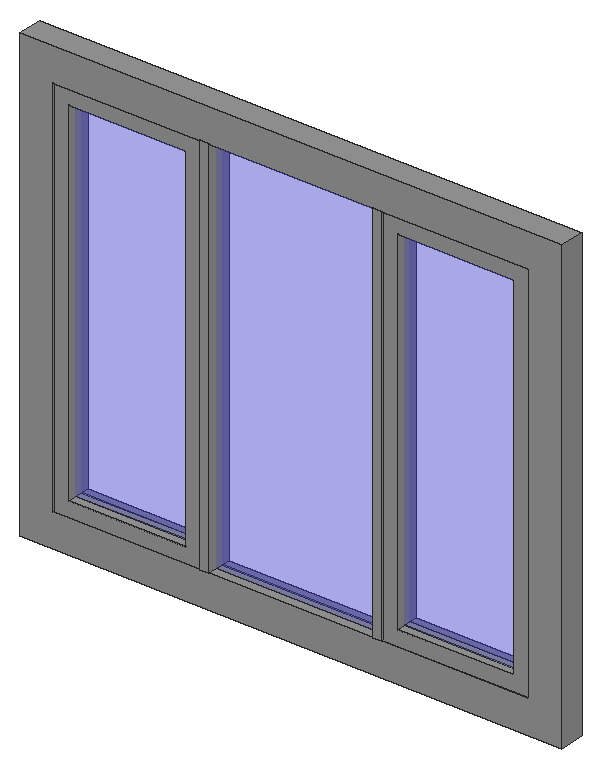
Revit family "Family55", category Windows, host Wall, Revit 2018
Family settings
  Host = Wall
  OmniClass Number = 23.30.20.00
  OmniClass Title = Windows
  Always vertical = Yes
  Cut with Voids When Loaded = No
  Shared = No
  Room Calculation Point = No
Parameters
  Window Thickness = 84 mm
  Window Frame = White
  Visual Light Transmittance = 0.81
  URL = "www.skywardwindows.co.za"
  Thermal Resistance (R) = 0.3196 (m²·K)/W
  Telephone = "021 276 1800"
  Solar Heat Gain Coefficient = 0.76
  Manufacturer = "Skyward Windows"
  Height = 1490 mm
  Heat Transfer Coefficient (U) = 3.1292 W/(m²·K)
  Glass Thickness = 4 mm
  Glass = Glass
  Email Address = "info@skywardwindows.co.za"
  Default Sill Height = 800 mm
  Wall Closure = By host
  Width = 1790 mm
  Company Address = "Charles Matthews Street Atlantis 7349"
  Analytic Construction = "Double glazing - domestic"
Reference planes
  plane 1 "Center (Front/Back)": y = 0
  plane 2 "Center (Left/Right)": x = 0
  plane 3 "Left": x = -895
  plane 4 "Right": x = 895
  plane 5 "Sill": z = 800
  plane 6 "Head": z = 2290
  plane 7 "Exterior": y = 100
  plane 8 "Interior": y = -100
Forms (mm)
  Extrusion 1, solid, material "White" <- "Window Frame"
    sketch origin (0, -100, 0) x (1, 0, 0) y (0, 0, 1)
      loop
        line (-895, 2290) -> (-895, 800) -> (895, 800) -> (895, 2290) -> (-895, 2290)
      loop
        line (-786, 909) -> (786, 909) -> (786, 2181) -> (-786, 2181) -> (-786, 909)
    from -142 to -58
  Extrusion 2, solid, material "White" <- "Window Frame"
    sketch origin (0, -100, 0) x (1, 0, 0) y (0, 0, 1)
      loop
        line (-786, 2181) -> (-786, 909) -> (-302.727, 909) -> (-302.727, 2181) -> (-786, 2181)
      loop
        line (786, 2181) -> (302.175, 2181) -> (302.175, 909) -> (786, 909) -> (786, 2181)
      loop
        line (-736, 959) -> (-350, 959) -> (-350, 2131) -> (-736, 2131) -> (-736, 959)
      loop
        line (350, 2131) -> (350, 959) -> (736, 959) -> (736, 2131) -> (350, 2131)
    from -138 to -62
  Extrusion 3, solid, material "White" <- "Window Frame"
    sketch origin (0, -100, 0) x (1, 0, 0) y (0, 0, 1)
      loop
        line (-300, 2181) -> (-300, 909) -> (-270, 909) -> (-270, 2181) -> (-300, 2181)
      loop
        line (300, 2181) -> (270, 2181) -> (270, 909) -> (300, 909) -> (300, 2181)
    from -142 to -58
  Extrusion 4, solid, material "Glass" <- "Glass"
    sketch origin (0, 0, 0) x (1, 0, 0) y (0, 1, 0)
      loop
        line (-736, 14) -> (-736, 10) -> (-350, 10) -> (-350, 14) -> (-736, 14)
      loop
        line (-736, -10) -> (-736, -14) -> (-350, -14) -> (-350, -10) -> (-736, -10)
      loop
        line (350, 14) -> (350, 10) -> (736, 10) -> (736, 14) -> (350, 14)
      loop
        line (736, -10) -> (350, -10) -> (350, -14) -> (736, -14) -> (736, -10)
    from 959 to 2131
  Extrusion 5, solid, material "Glass" <- "Glass"
    sketch origin (0, 0, 0) x (1, 0, 0) y (0, 1, 0)
      loop
        line (-270, 14) -> (-270, 10) -> (270, 10) -> (270, 14) -> (-270, 14)
      loop
        line (270, -10) -> (-270, -10) -> (-270, -14) -> (270, -14) -> (270, -10)
    from 909 to 2181
Lines and regions (mm)
  Opening 1
    outline origin (3500, -100, 0) x (1, 0, 0) y (0, 0, 1)
      loop
        line (-2605, 800) -> (-2605, 2290) -> (-4395, 2290) -> (-4395, 800) -> (-2605, 800)
Text (mm)
  text "EXTERIOR" at (-1963.203, 1332.353, 0), in view "Ref. Level"
  text "INTERIOR" at (-1981.466, -818.386, 0), in view "Ref. Level"
  text "Exterior" at (0, 923.751, 2943.296), in view "Right"
  text "Exterior" at (0, 1040.484, 2685.409), in view "Left"
Dimensions and locks
  equal spacing: plane 3 "Left", plane 2 "Center (Left/Right)", plane 4 "Right"
  "Width": plane 3 "Left" to plane 4 "Right"
  "Height": plane 5 "Sill" to plane 6 "Head"
  "Default Sill Height": plane 5 "Sill" to level
  locked: plane 7 "Exterior" to host wall at 0
  locked: plane 8 "Interior" to host wall
  "Window Thickness": Extrusion 1 to Extrusion 1
  "Glass Thickness": Extrusion 5 to Extrusion 5
  "Glass Thickness": Extrusion 4 to Extrusion 4
  aligned and locked: Extrusion 1 sketch curve to host wall  (x4)
  aligned and locked: Extrusion 5 to Extrusion 1
Automatic sketch dimensions
  Opening 1 sketch curve to plane 3 "Left" = 0 mm
  Opening 1 sketch curve to plane 4 "Right" = 0 mm
  Opening 1 sketch curve to plane 5 "Sill" = 0 mm
  Opening 1 sketch curve to plane 6 "Head" = 0 mm
  Extrusion 1 sketch curve to plane 3 "Left" = 109 mm
  plane 4 "Right" to Extrusion 1 sketch curve = 109 mm
  Extrusion 1 sketch curve to plane 5 "Sill" = 109 mm
  plane 6 "Head" to Extrusion 1 sketch curve = 109 mm
  Extrusion 2 sketch curve to plane 3 "Left" = 109 mm
  Extrusion 2 sketch curve to Extrusion 2 sketch curve = 50 mm  (x6)
  plane 6 "Head" to Extrusion 2 sketch curve = 159 mm
  plane 2 "Center (Left/Right)" to Extrusion 2 sketch curve = 350 mm
  Extrusion 2 sketch curve to Extrusion 2 sketch curve = 47.273 mm
  plane 6 "Head" to Extrusion 2 sketch curve = 109 mm
  Extrusion 2 sketch curve to plane 2 "Center (Left/Right)" = 302.175 mm
  Extrusion 2 sketch curve to Extrusion 2 sketch curve = 47.825 mm
  plane 4 "Right" to Extrusion 2 sketch curve = 159 mm
  Extrusion 2 sketch curve to plane 5 "Sill" = 159 mm  (x2)
  Extrusion 3 sketch curve to plane 5 "Sill" = 109 mm  (x2)
  plane 2 "Center (Left/Right)" to Extrusion 3 sketch curve = 300 mm
  Extrusion 3 sketch curve to Extrusion 3 sketch curve = 30 mm  (x2)
  Extrusion 3 sketch curve to plane 2 "Center (Left/Right)" = 270 mm
  plane 6 "Head" to Extrusion 3 sketch curve = 109 mm  (x2)
  Extrusion 4 sketch curve to host wall = 14 mm  (x2)
  Extrusion 4 sketch curve to plane 3 "Left" = 159 mm
  Extrusion 4 sketch curve to Extrusion 4 sketch curve = 0 mm  (x4)
  host wall to Extrusion 4 sketch curve = 10 mm  (x2)
  plane 2 "Center (Left/Right)" to Extrusion 4 sketch curve = 350 mm
  Extrusion 4 sketch curve to plane 2 "Center (Left/Right)" = 350 mm
  plane 4 "Right" to Extrusion 4 sketch curve = 159 mm
  Extrusion 4 sketch curve to Extrusion 4 sketch curve = 4 mm  (x4)
  Extrusion 5 sketch curve to host wall = 14 mm
  plane 2 "Center (Left/Right)" to Extrusion 5 sketch curve = 270 mm
  host wall to Extrusion 5 sketch curve = 10 mm
  Extrusion 5 sketch curve to Extrusion 5 sketch curve = 0 mm  (x2)
  Extrusion 5 sketch curve to plane 2 "Center (Left/Right)" = 270 mm
  Extrusion 5 sketch curve to Extrusion 5 sketch curve = 4 mm  (x2)
